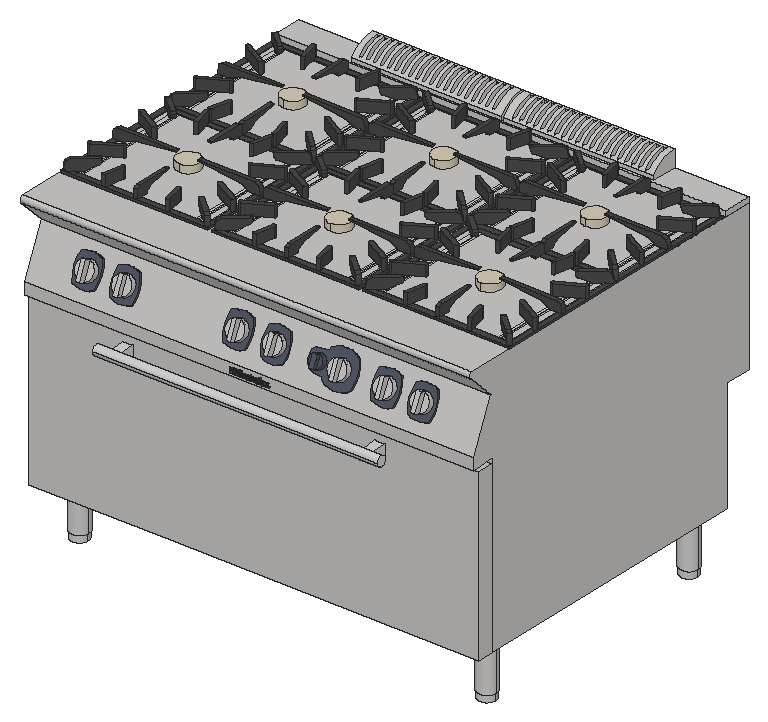
Revit family "QF_ELECTROLUXPROFESSIONAL_391466_E9AAOABJMIE", category Attrezzature speciali, Revit 2018 (continued)
Automatic sketch dimensions
  Extrusion 7 sketch curve to Extrusion 7 sketch curve = 1.139 mm
  Extrusion 7 sketch curve to Extrusion 7 sketch curve = 3.102 mm
  Extrusion 7 sketch curve to Extrusion 7 sketch curve = 4.032 mm
  Extrusion 7 sketch curve to Extrusion 7 sketch curve = 0.404 mm
  Extrusion 7 sketch curve to Extrusion 7 sketch curve = 5.898 mm
  plane 11 to Extrusion 7 sketch curve = 8.549 mm
  Extrusion 7 sketch curve to plane 11 = 30 mm
  Extrusion 7 sketch curve to plane 10 = 298.908 mm
  Extrusion 7 sketch curve to Extrusion 7 sketch curve = 3.343 mm
  Extrusion 7 sketch curve to Extrusion 7 sketch curve = 2.066 mm
  Extrusion 7 sketch curve to Extrusion 7 sketch curve = 5.312 mm
  Extrusion 7 sketch curve to Extrusion 7 sketch curve = 28.009 mm
  plane 11 to Extrusion 8 sketch curve = 22.852 mm
  Extrusion 8 sketch curve to Extrusion 8 sketch curve = 0 mm  (x2)
  Extrusion 8 sketch curve to Extrusion 8 sketch curve = 1.139 mm
  Extrusion 8 sketch curve to Extrusion 8 sketch curve = 3.102 mm
  Extrusion 8 sketch curve to Extrusion 8 sketch curve = 4.032 mm
  Extrusion 8 sketch curve to Extrusion 8 sketch curve = 0.404 mm
  Extrusion 8 sketch curve to Extrusion 8 sketch curve = 5.898 mm
  plane 11 to Extrusion 8 sketch curve = 8.549 mm
  Extrusion 8 sketch curve to plane 11 = 30 mm
  Extrusion 8 sketch curve to plane 10 = 270.899 mm
  Extrusion 8 sketch curve to Extrusion 8 sketch curve = 2.705 mm
  Extrusion 8 sketch curve to Extrusion 8 sketch curve = 5.987 mm
  Extrusion 8 sketch curve to Extrusion 8 sketch curve = 5.312 mm
  Extrusion 8 sketch curve to Extrusion 8 sketch curve = 28.009 mm
  plane 11 to Extrusion 9 sketch curve = 19.749 mm
  Extrusion 9 sketch curve to plane 10 = 279.591 mm
  Extrusion 10 sketch curve to plane 18 = 228.904 mm
  Extrusion 10 sketch curve to Extrusion 10 sketch curve = 0 mm
  Extrusion 10 sketch curve to Extrusion 10 sketch curve = 12.3 mm  (x3)
  Extrusion 10 sketch curve to Extrusion 10 sketch curve = 34.925 mm  (x2)
  Extrusion 10 sketch curve to Extrusion 10 sketch curve = 46.691 mm
  Extrusion 10 sketch curve to Extrusion 10 sketch curve = 0.617 mm
  Extrusion 10 sketch curve to Extrusion 10 sketch curve = 28.57 mm
  Extrusion 10 sketch curve to Extrusion 10 sketch curve = 29.185 mm
  Extrusion 12 sketch curve to Extrusion 12 sketch curve = 24.732 mm
  Extrusion 12 sketch curve to Extrusion 12 sketch curve = 0 mm
  Extrusion 13 sketch curve to Extrusion 13 sketch curve = 0 mm  (x2)
  plane 7 "Center Y" to Extrusion 13 sketch curve = 190.859 mm
  Extrusion 13 sketch curve to Extrusion 13 sketch curve = 112.63 mm
  Extrusion 13 sketch curve to Extrusion 13 sketch curve = 1.398 mm
  Extrusion 13 sketch curve to Extrusion 13 sketch curve = 5.918 mm
  Extrusion 13 sketch curve to Extrusion 13 sketch curve = 7.825 mm
  Extrusion 13 sketch curve to Extrusion 13 sketch curve = 12.433 mm
  Extrusion 13 sketch curve to Extrusion 13 sketch curve = 33.329 mm
  Extrusion 13 sketch curve to Extrusion 13 sketch curve = 28.808 mm
  Extrusion 13 sketch curve to Extrusion 13 sketch curve = 2.986 mm
  Extrusion 13 sketch curve to Extrusion 13 sketch curve = 35.441 mm
  Extrusion 13 sketch curve to Extrusion 13 sketch curve = 23.969 mm
  Extrusion 13 sketch curve to Extrusion 13 sketch curve = 31.993 mm
  Extrusion 13 sketch curve to Extrusion 13 sketch curve = 0.131 mm
  Extrusion 13 sketch curve to Extrusion 13 sketch curve = 36.738 mm
  Extrusion 13 sketch curve to Extrusion 13 sketch curve = 6.105 mm
  Extrusion 13 sketch curve to Extrusion 13 sketch curve = 30.968 mm
  Extrusion 13 sketch curve to Extrusion 13 sketch curve = 0.002 mm
  Extrusion 13 sketch curve to Extrusion 13 sketch curve = 38.412 mm
  Extrusion 13 sketch curve to Extrusion 13 sketch curve = 39.831 mm
  Extrusion 13 sketch curve to Extrusion 13 sketch curve = 6.427 mm
  Extrusion 13 sketch curve to Extrusion 13 sketch curve = 11.842 mm
  Extrusion 15 sketch curve to Extrusion 15 sketch curve = 24.732 mm
  Extrusion 15 sketch curve to Extrusion 15 sketch curve = 0 mm
  Extrusion 17 sketch curve to Extrusion 17 sketch curve = 0 mm
  Extrusion 17 sketch curve to Extrusion 17 sketch curve = 7.232 mm  (x3)
  Extrusion 17 sketch curve to Extrusion 17 sketch curve = 17.5 mm
  Extrusion 17 sketch curve to Extrusion 17 sketch curve = 5.786 mm
  Extrusion 18 sketch curve to plane 17 = 61.596 mm
  Extrusion 18 sketch curve to Extrusion 18 sketch curve = 0 mm
  Extrusion 18 sketch curve to Extrusion 18 sketch curve = 12.3 mm  (x3)
  Extrusion 18 sketch curve to Extrusion 18 sketch curve = 34.925 mm  (x2)
  Extrusion 18 sketch curve to plane 17 = 35.869 mm
  Extrusion 18 sketch curve to Extrusion 18 sketch curve = 46.691 mm
  Extrusion 18 sketch curve to Extrusion 18 sketch curve = 26.344 mm
  Extrusion 18 sketch curve to Extrusion 18 sketch curve = 28.57 mm
  Extrusion 20 sketch curve to Extrusion 20 sketch curve = 24.732 mm
  Extrusion 20 sketch curve to Extrusion 20 sketch curve = 0 mm
  Extrusion 21 sketch curve to plane 17 = 161.596 mm
  Extrusion 21 sketch curve to Extrusion 21 sketch curve = 0 mm
  Extrusion 21 sketch curve to Extrusion 21 sketch curve = 12.3 mm  (x3)
  Extrusion 21 sketch curve to Extrusion 21 sketch curve = 34.925 mm  (x2)
  Extrusion 21 sketch curve to Extrusion 21 sketch curve = 46.691 mm
  Extrusion 21 sketch curve to Extrusion 21 sketch curve = 0.617 mm
  Extrusion 21 sketch curve to Extrusion 21 sketch curve = 28.57 mm
  Extrusion 21 sketch curve to Extrusion 21 sketch curve = 29.185 mm
  Extrusion 23 sketch curve to Extrusion 23 sketch curve = 24.732 mm
  Extrusion 23 sketch curve to Extrusion 23 sketch curve = 0 mm
  Extrusion 24 sketch curve to plane 1 "BACK" = 0 mm
  Extrusion 24 sketch curve to plane 6 "TOP" = 0 mm
  plane 1 "BACK" to Extrusion 24 sketch curve = 1.769 mm
  plane 10 to Extrusion 24 sketch curve = 23.813 mm
  plane 1 "BACK" to Extrusion 24 sketch curve = 69.85 mm
  plane 10 to Extrusion 24 sketch curve = 14.288 mm
  Extrusion 25 sketch curve to plane 18 = 131.404 mm
  Extrusion 25 sketch curve to Extrusion 25 sketch curve = 0 mm
  Extrusion 25 sketch curve to Extrusion 25 sketch curve = 12.3 mm  (x3)
  Extrusion 25 sketch curve to Extrusion 25 sketch curve = 34.925 mm  (x2)
  Extrusion 25 sketch curve to Extrusion 25 sketch curve = 46.691 mm
  Extrusion 25 sketch curve to Extrusion 25 sketch curve = 0.617 mm
  Extrusion 25 sketch curve to Extrusion 25 sketch curve = 28.57 mm
  Extrusion 25 sketch curve to Extrusion 25 sketch curve = 29.185 mm
  Extrusion 27 sketch curve to Extrusion 27 sketch curve = 24.732 mm
  Extrusion 27 sketch curve to Extrusion 27 sketch curve = 0 mm
  Extrusion 28 sketch curve to plane 7 "Center Y" = 79.904 mm
  Extrusion 28 sketch curve to plane 7 "Center Y" = 21.528 mm
  Extrusion 28 sketch curve to Extrusion 28 sketch curve = 0 mm
  Extrusion 28 sketch curve to Extrusion 28 sketch curve = 12.3 mm  (x3)
  plane 7 "Center Y" to Extrusion 28 sketch curve = 3.586 mm
  Extrusion 28 sketch curve to Extrusion 28 sketch curve = 34.925 mm  (x2)
  Extrusion 28 sketch curve to Extrusion 28 sketch curve = 46.691 mm
  Extrusion 28 sketch curve to plane 7 "Center Y" = 22.141 mm
  Extrusion 30 sketch curve to Extrusion 30 sketch curve = 24.732 mm
  Extrusion 30 sketch curve to Extrusion 30 sketch curve = 0 mm
  plane 7 "Center Y" to Extrusion 31 sketch curve = 20.096 mm
  Extrusion 31 sketch curve to Extrusion 31 sketch curve = 0 mm
  Extrusion 31 sketch curve to Extrusion 31 sketch curve = 12.3 mm  (x3)
  Extrusion 31 sketch curve to Extrusion 31 sketch curve = 34.925 mm  (x2)
  Extrusion 31 sketch curve to plane 7 "Center Y" = 5.631 mm
  Extrusion 31 sketch curve to Extrusion 31 sketch curve = 46.691 mm
  plane 7 "Center Y" to Extrusion 31 sketch curve = 20.714 mm
  Extrusion 31 sketch curve to Extrusion 31 sketch curve = 25.114 mm
  Extrusion 33 sketch curve to Extrusion 33 sketch curve = 24.732 mm
  Extrusion 33 sketch curve to Extrusion 33 sketch curve = 0 mm
  plane 7 "Center Y" to Extrusion 34 sketch curve = 21.292 mm
  Extrusion 34 sketch curve to plane 10 = 237.967 mm
  Extrusion 34 sketch curve to plane 7 "Center Y" = 13.807 mm
  Extrusion 34 sketch curve to Extrusion 34 sketch curve = 5.041 mm
  plane 7 "Center Y" to Extrusion 34 sketch curve = 5.969 mm
  Extrusion 34 sketch curve to Extrusion 34 sketch curve = 5.06 mm
  Extrusion 34 sketch curve to Extrusion 34 sketch curve = 0 mm  (x27)
  Extrusion 34 sketch curve to Extrusion 34 sketch curve = 5.108 mm  (x2)
  Extrusion 34 sketch curve to Extrusion 34 sketch curve = 0.054 mm
  Extrusion 34 sketch curve to Extrusion 34 sketch curve = 0.218 mm
  Extrusion 34 sketch curve to Extrusion 34 sketch curve = 0.195 mm
  Extrusion 34 sketch curve to Extrusion 34 sketch curve = 0.249 mm
  Extrusion 34 sketch curve to Extrusion 34 sketch curve = 0.316 mm
  Extrusion 34 sketch curve to Extrusion 34 sketch curve = 0.087 mm
  Extrusion 34 sketch curve to Extrusion 34 sketch curve = 0.358 mm
  Extrusion 34 sketch curve to Extrusion 34 sketch curve = 0.481 mm
  Extrusion 34 sketch curve to Extrusion 34 sketch curve = 0.597 mm
  Extrusion 34 sketch curve to Extrusion 34 sketch curve = 0.544 mm
  Extrusion 34 sketch curve to Extrusion 34 sketch curve = 0.936 mm
  Extrusion 34 sketch curve to Extrusion 34 sketch curve = 0.594 mm
  Extrusion 34 sketch curve to Extrusion 34 sketch curve = 0.343 mm
  Extrusion 34 sketch curve to Extrusion 34 sketch curve = 0.159 mm
  Extrusion 34 sketch curve to Extrusion 34 sketch curve = 0.826 mm
  Extrusion 34 sketch curve to Extrusion 34 sketch curve = 0.839 mm
  Extrusion 34 sketch curve to Extrusion 34 sketch curve = 0.852 mm
  Extrusion 34 sketch curve to Extrusion 34 sketch curve = 0.887 mm
  Extrusion 34 sketch curve to Extrusion 34 sketch curve = 0.928 mm
  Extrusion 34 sketch curve to Extrusion 34 sketch curve = 0.938 mm
  Extrusion 34 sketch curve to Extrusion 34 sketch curve = 0.444 mm
  Extrusion 34 sketch curve to Extrusion 34 sketch curve = 1.11 mm  (x3)
  plane 7 "Center Y" to Extrusion 34 sketch curve = 43.726 mm
  Extrusion 34 sketch curve to Extrusion 34 sketch curve = 0.215 mm
  plane 7 "Center Y" to Extrusion 34 sketch curve = 0.332 mm
  Extrusion 34 sketch curve to Extrusion 34 sketch curve = 1.43 mm
  Extrusion 34 sketch curve to Extrusion 34 sketch curve = 1.188 mm
  Extrusion 34 sketch curve to Extrusion 34 sketch curve = 1.21 mm  (x2)
  Extrusion 34 sketch curve to Extrusion 34 sketch curve = 0.503 mm
  plane 7 "Center Y" to Extrusion 34 sketch curve = 48.995 mm
  Extrusion 34 sketch curve to Extrusion 34 sketch curve = 0.488 mm
  plane 7 "Center Y" to Extrusion 34 sketch curve = 52.922 mm
  Extrusion 34 sketch curve to Extrusion 34 sketch curve = 0.462 mm
  Extrusion 34 sketch curve to Extrusion 34 sketch curve = 1.386 mm
  Extrusion 34 sketch curve to Extrusion 34 sketch curve = 1.742 mm
  Extrusion 34 sketch curve to Extrusion 34 sketch curve = 0.821 mm
  Extrusion 34 sketch curve to Extrusion 34 sketch curve = 0.497 mm
  Extrusion 34 sketch curve to Extrusion 34 sketch curve = 0.539 mm
  Extrusion 34 sketch curve to Extrusion 34 sketch curve = 0.686 mm
  Extrusion 34 sketch curve to plane 7 "Center Y" = 0.042 mm
  Extrusion 34 sketch curve to Extrusion 34 sketch curve = 0.408 mm
  Extrusion 34 sketch curve to Extrusion 34 sketch curve = 0.743 mm
  Extrusion 34 sketch curve to Extrusion 34 sketch curve = 1.16 mm
  Extrusion 34 sketch curve to Extrusion 34 sketch curve = 0.329 mm
  Extrusion 34 sketch curve to Extrusion 34 sketch curve = 1.054 mm
  Extrusion 34 sketch curve to Extrusion 34 sketch curve = 1.056 mm
  Extrusion 34 sketch curve to Extrusion 34 sketch curve = 0.129 mm
  Extrusion 34 sketch curve to Extrusion 34 sketch curve = 0.489 mm
  Extrusion 34 sketch curve to plane 7 "Center Y" = 0.376 mm
  Extrusion 34 sketch curve to Extrusion 34 sketch curve = 0.441 mm
  Extrusion 34 sketch curve to Extrusion 34 sketch curve = 1.151 mm
  Extrusion 34 sketch curve to Extrusion 34 sketch curve = 1.141 mm  (x2)
  Extrusion 34 sketch curve to Extrusion 34 sketch curve = 0.768 mm
  Extrusion 34 sketch curve to Extrusion 34 sketch curve = 1.653 mm
  Extrusion 34 sketch curve to Extrusion 34 sketch curve = 0.499 mm
  Extrusion 34 sketch curve to Extrusion 34 sketch curve = 0.964 mm
  Extrusion 34 sketch curve to Extrusion 34 sketch curve = 0.949 mm
  Extrusion 34 sketch curve to Extrusion 34 sketch curve = 1.345 mm  (x3)
  Extrusion 34 sketch curve to Extrusion 34 sketch curve = 1.101 mm
  Extrusion 34 sketch curve to Extrusion 34 sketch curve = 0.432 mm
  Extrusion 34 sketch curve to Extrusion 34 sketch curve = 1.142 mm
  Extrusion 34 sketch curve to Extrusion 34 sketch curve = 0.959 mm
  Extrusion 34 sketch curve to Extrusion 34 sketch curve = 0.176 mm
  Extrusion 34 sketch curve to Extrusion 34 sketch curve = 0.728 mm
  Extrusion 34 sketch curve to Extrusion 34 sketch curve = 3.375 mm  (x2)
  Extrusion 34 sketch curve to Extrusion 34 sketch curve = 0.541 mm
  Extrusion 34 sketch curve to Extrusion 34 sketch curve = 0.955 mm
  Extrusion 34 sketch curve to Extrusion 34 sketch curve = 1.251 mm
  Extrusion 34 sketch curve to Extrusion 34 sketch curve = 0.572 mm
  plane 7 "Center Y" to Extrusion 34 sketch curve = 47.619 mm
  Extrusion 34 sketch curve to Extrusion 34 sketch curve = 1.92 mm
  Extrusion 34 sketch curve to Extrusion 34 sketch curve = 1.224 mm
  Extrusion 34 sketch curve to Extrusion 34 sketch curve = 0.745 mm
  Extrusion 34 sketch curve to Extrusion 34 sketch curve = 0.036 mm
  Extrusion 34 sketch curve to Extrusion 34 sketch curve = 0.896 mm  (x3)
  Extrusion 34 sketch curve to Extrusion 34 sketch curve = 2.607 mm
  Extrusion 34 sketch curve to Extrusion 34 sketch curve = 0.066 mm
  Extrusion 34 sketch curve to Extrusion 34 sketch curve = 0.248 mm
  Extrusion 34 sketch curve to Extrusion 34 sketch curve = 0.449 mm
  plane 7 "Center Y" to Extrusion 34 sketch curve = 46.838 mm
  Extrusion 34 sketch curve to Extrusion 34 sketch curve = 1.052 mm
  Extrusion 34 sketch curve to Extrusion 34 sketch curve = 1.863 mm
  Extrusion 34 sketch curve to Extrusion 34 sketch curve = 1.31 mm  (x2)
  Extrusion 34 sketch curve to Extrusion 34 sketch curve = 0.901 mm
  Extrusion 34 sketch curve to Extrusion 34 sketch curve = 1.107 mm
  Extrusion 34 sketch curve to Extrusion 34 sketch curve = 2.122 mm
  Extrusion 34 sketch curve to Extrusion 34 sketch curve = 2.101 mm
  Extrusion 34 sketch curve to Extrusion 34 sketch curve = 0.106 mm
  Extrusion 34 sketch curve to Extrusion 34 sketch curve = 0.029 mm
  plane 7 "Center Y" to Extrusion 34 sketch curve = 49.641 mm
  Extrusion 34 sketch curve to Extrusion 34 sketch curve = 2.09 mm
  Extrusion 34 sketch curve to Extrusion 34 sketch curve = 1.279 mm
  Extrusion 34 sketch curve to Extrusion 34 sketch curve = 2.008 mm
  Extrusion 34 sketch curve to Extrusion 34 sketch curve = 0.738 mm
  Extrusion 34 sketch curve to Extrusion 34 sketch curve = 0.382 mm
  Extrusion 34 sketch curve to Extrusion 34 sketch curve = 0.384 mm
  Extrusion 34 sketch curve to Extrusion 34 sketch curve = 0.002 mm
  Extrusion 34 sketch curve to Extrusion 34 sketch curve = 0.561 mm
  Extrusion 34 sketch curve to Extrusion 34 sketch curve = 0.592 mm
  Extrusion 34 sketch curve to Extrusion 34 sketch curve = 2.692 mm
  Extrusion 34 sketch curve to Extrusion 34 sketch curve = 1.259 mm
  plane 7 "Center Y" to Extrusion 34 sketch curve = 48.858 mm
  Extrusion 34 sketch curve to Extrusion 34 sketch curve = 0.802 mm
  Extrusion 34 sketch curve to Extrusion 34 sketch curve = 1.024 mm
  Extrusion 34 sketch curve to Extrusion 34 sketch curve = 0.682 mm
  Extrusion 34 sketch curve to Extrusion 34 sketch curve = 5.934 mm
  Extrusion 34 sketch curve to Extrusion 34 sketch curve = 2.186 mm
  Extrusion 34 sketch curve to Extrusion 34 sketch curve = 0.337 mm
  Extrusion 34 sketch curve to Extrusion 34 sketch curve = 0.021 mm
  Extrusion 34 sketch curve to Extrusion 34 sketch curve = 1.005 mm
  Extrusion 34 sketch curve to Extrusion 34 sketch curve = 0.552 mm
  Extrusion 34 sketch curve to Extrusion 34 sketch curve = 0.778 mm
  Extrusion 34 sketch curve to Extrusion 34 sketch curve = 0.063 mm
  Extrusion 34 sketch curve to Extrusion 34 sketch curve = 1.023 mm
  Extrusion 34 sketch curve to Extrusion 34 sketch curve = 3.804 mm
  Extrusion 34 sketch curve to Extrusion 34 sketch curve = 0.486 mm
  Extrusion 34 sketch curve to Extrusion 34 sketch curve = 0.266 mm
  Extrusion 34 sketch curve to plane 7 "Center Y" = 0.787 mm
  Extrusion 34 sketch curve to Extrusion 34 sketch curve = 1.547 mm
  Extrusion 34 sketch curve to Extrusion 34 sketch curve = 0.717 mm  (x2)
  Extrusion 34 sketch curve to Extrusion 34 sketch curve = 1.667 mm
  plane 7 "Center Y" to Extrusion 34 sketch curve = 44.532 mm
  Extrusion 34 sketch curve to Extrusion 34 sketch curve = 3.174 mm
  plane 7 "Center Y" to Extrusion 34 sketch curve = 0.368 mm
  Extrusion 34 sketch curve to Extrusion 34 sketch curve = 0.388 mm
  Extrusion 34 sketch curve to Extrusion 34 sketch curve = 1.342 mm
  plane 7 "Center Y" to Extrusion 34 sketch curve = 50.135 mm
  Extrusion 34 sketch curve to Extrusion 34 sketch curve = 1.521 mm
  plane 7 "Center Y" to Extrusion 34 sketch curve = 51.694 mm
  Extrusion 34 sketch curve to Extrusion 34 sketch curve = 0.124 mm
  Extrusion 34 sketch curve to Extrusion 34 sketch curve = 0.291 mm
  plane 7 "Center Y" to Extrusion 34 sketch curve = 7.285 mm
  Extrusion 34 sketch curve to Extrusion 34 sketch curve = 1.049 mm  (x2)
  plane 7 "Center Y" to Extrusion 34 sketch curve = 47.668 mm
  Extrusion 34 sketch curve to Extrusion 34 sketch curve = 1.7 mm
  Extrusion 34 sketch curve to Extrusion 34 sketch curve = 0.894 mm
  Extrusion 34 sketch curve to Extrusion 34 sketch curve = 0.989 mm
  Extrusion 34 sketch curve to Extrusion 34 sketch curve = 1.168 mm
  Extrusion 34 sketch curve to Extrusion 34 sketch curve = 1.594 mm
  Extrusion 34 sketch curve to Extrusion 34 sketch curve = 0.731 mm
  Extrusion 34 sketch curve to Extrusion 34 sketch curve = 1.566 mm
  Extrusion 34 sketch curve to Extrusion 34 sketch curve = 0.064 mm
  plane 7 "Center Y" to Extrusion 34 sketch curve = 7.842 mm
  Extrusion 34 sketch curve to Extrusion 34 sketch curve = 0.556 mm
  Extrusion 34 sketch curve to Extrusion 34 sketch curve = 0.48 mm
  Extrusion 34 sketch curve to Extrusion 34 sketch curve = 0.228 mm
  Extrusion 34 sketch curve to Extrusion 34 sketch curve = 1.018 mm
  plane 7 "Center Y" to Extrusion 34 sketch curve = 37.429 mm
  Extrusion 34 sketch curve to Extrusion 34 sketch curve = 0.787 mm
  Extrusion 34 sketch curve to Extrusion 34 sketch curve = 0.618 mm
  plane 7 "Center Y" to Extrusion 34 sketch curve = 42.486 mm
  Extrusion 34 sketch curve to Extrusion 34 sketch curve = 1.672 mm
  plane 7 "Center Y" to Extrusion 34 sketch curve = 53.436 mm
  Extrusion 34 sketch curve to Extrusion 34 sketch curve = 1.361 mm
  Extrusion 34 sketch curve to Extrusion 34 sketch curve = 0.822 mm
  Extrusion 34 sketch curve to Extrusion 34 sketch curve = 0.069 mm
  Extrusion 34 sketch curve to Extrusion 34 sketch curve = 1.88 mm
  plane 7 "Center Y" to Extrusion 34 sketch curve = 35.269 mm
  Extrusion 34 sketch curve to Extrusion 34 sketch curve = 0.42 mm
  Extrusion 34 sketch curve to Extrusion 34 sketch curve = 0.062 mm
  Extrusion 34 sketch curve to Extrusion 34 sketch curve = 1.355 mm
  Extrusion 34 sketch curve to Extrusion 34 sketch curve = 2.34 mm
  Extrusion 34 sketch curve to Extrusion 34 sketch curve = 0.493 mm
  Extrusion 34 sketch curve to Extrusion 34 sketch curve = 0.136 mm
  Extrusion 34 sketch curve to Extrusion 34 sketch curve = 0.128 mm
  Extrusion 34 sketch curve to Extrusion 34 sketch curve = 3.616 mm
  Extrusion 34 sketch curve to Extrusion 34 sketch curve = 4.207 mm
  Extrusion 34 sketch curve to Extrusion 34 sketch curve = 0.183 mm
  Extrusion 34 sketch curve to Extrusion 34 sketch curve = 0.895 mm
  Extrusion 34 sketch curve to Extrusion 34 sketch curve = 1.314 mm
  Extrusion 34 sketch curve to Extrusion 34 sketch curve = 3.231 mm
  Extrusion 34 sketch curve to plane 7 "Center Y" = 23.526 mm
  Extrusion 34 sketch curve to Extrusion 34 sketch curve = 1.299 mm
  Extrusion 34 sketch curve to Extrusion 34 sketch curve = 1.214 mm
  plane 7 "Center Y" to Extrusion 34 sketch curve = 26.369 mm
  Extrusion 34 sketch curve to Extrusion 34 sketch curve = 1.264 mm
  Extrusion 34 sketch curve to Extrusion 34 sketch curve = 0.109 mm
  Extrusion 34 sketch curve to Extrusion 34 sketch curve = 0.357 mm
  Extrusion 34 sketch curve to Extrusion 34 sketch curve = 0.565 mm
  Extrusion 34 sketch curve to Extrusion 34 sketch curve = 2.504 mm
  Extrusion 34 sketch curve to Extrusion 34 sketch curve = 2.459 mm
  Extrusion 34 sketch curve to Extrusion 34 sketch curve = 0.983 mm
  Extrusion 34 sketch curve to Extrusion 34 sketch curve = 0.422 mm  (x2)
  Extrusion 34 sketch curve to Extrusion 34 sketch curve = 1.268 mm
  Extrusion 34 sketch curve to Extrusion 34 sketch curve = 0.671 mm
  Extrusion 34 sketch curve to Extrusion 34 sketch curve = 1.634 mm
  Extrusion 34 sketch curve to Extrusion 34 sketch curve = 0.132 mm
  Extrusion 34 sketch curve to Extrusion 34 sketch curve = 0.586 mm
  Extrusion 34 sketch curve to Extrusion 34 sketch curve = 1.241 mm
  Extrusion 34 sketch curve to Extrusion 34 sketch curve = 1.689 mm
  Extrusion 34 sketch curve to Extrusion 34 sketch curve = 0.627 mm
  Extrusion 34 sketch curve to Extrusion 34 sketch curve = 0.419 mm
  Extrusion 34 sketch curve to Extrusion 34 sketch curve = 1.514 mm
  Extrusion 34 sketch curve to Extrusion 34 sketch curve = 1.019 mm
  Extrusion 34 sketch curve to Extrusion 34 sketch curve = 0.065 mm
  Extrusion 34 sketch curve to Extrusion 34 sketch curve = 1.215 mm
  Extrusion 34 sketch curve to Extrusion 34 sketch curve = 1.122 mm
  Extrusion 34 sketch curve to Extrusion 34 sketch curve = 1.153 mm
  Extrusion 34 sketch curve to Extrusion 34 sketch curve = 1.223 mm
  Extrusion 34 sketch curve to Extrusion 34 sketch curve = 0.934 mm
  Extrusion 34 sketch curve to Extrusion 34 sketch curve = 3.376 mm
  Extrusion 34 sketch curve to Extrusion 34 sketch curve = 0.222 mm
  Extrusion 34 sketch curve to Extrusion 34 sketch curve = 1.383 mm
  Extrusion 34 sketch curve to Extrusion 34 sketch curve = 1.556 mm
  Extrusion 34 sketch curve to Extrusion 34 sketch curve = 2.559 mm
  Extrusion 34 sketch curve to Extrusion 34 sketch curve = 2.51 mm
  Extrusion 34 sketch curve to Extrusion 34 sketch curve = 0.131 mm
  Extrusion 34 sketch curve to Extrusion 34 sketch curve = 1.134 mm
  Extrusion 34 sketch curve to Extrusion 34 sketch curve = 0.094 mm
  Extrusion 34 sketch curve to Extrusion 34 sketch curve = 1.584 mm
  Extrusion 34 sketch curve to Extrusion 34 sketch curve = 0.27 mm
  Extrusion 34 sketch curve to Extrusion 34 sketch curve = 0.916 mm
  Extrusion 34 sketch curve to Extrusion 34 sketch curve = 0.352 mm
  Extrusion 34 sketch curve to Extrusion 34 sketch curve = 0.458 mm
  Extrusion 34 sketch curve to Extrusion 34 sketch curve = 1.282 mm
  Extrusion 34 sketch curve to Extrusion 34 sketch curve = 1.363 mm
  Extrusion 34 sketch curve to Extrusion 34 sketch curve = 0.685 mm
  Extrusion 34 sketch curve to Extrusion 34 sketch curve = 0.905 mm
  Extrusion 34 sketch curve to Extrusion 34 sketch curve = 1.477 mm
  Extrusion 34 sketch curve to Extrusion 34 sketch curve = 0.472 mm
  Extrusion 34 sketch curve to Extrusion 34 sketch curve = 0.101 mm
  Extrusion 34 sketch curve to Extrusion 34 sketch curve = 0.54 mm
  Extrusion 34 sketch curve to Extrusion 34 sketch curve = 0.02 mm
  Extrusion 34 sketch curve to Extrusion 34 sketch curve = 0.829 mm
  Extrusion 34 sketch curve to Extrusion 34 sketch curve = 0.582 mm
  Extrusion 34 sketch curve to Extrusion 34 sketch curve = 0.166 mm
  Extrusion 34 sketch curve to Extrusion 34 sketch curve = 0.16 mm
  Extrusion 34 sketch curve to Extrusion 34 sketch curve = 1.118 mm
  Extrusion 34 sketch curve to Extrusion 34 sketch curve = 0.613 mm
  Extrusion 34 sketch curve to Extrusion 34 sketch curve = 0.781 mm
  Extrusion 34 sketch curve to Extrusion 34 sketch curve = 0.361 mm
  Extrusion 34 sketch curve to Extrusion 34 sketch curve = 0.897 mm
  Extrusion 34 sketch curve to Extrusion 34 sketch curve = 0.167 mm
  Extrusion 34 sketch curve to Extrusion 34 sketch curve = 0.292 mm
  Extrusion 34 sketch curve to Extrusion 34 sketch curve = 0.305 mm
  Extrusion 34 sketch curve to Extrusion 34 sketch curve = 1.557 mm
  Extrusion 34 sketch curve to Extrusion 34 sketch curve = 2.499 mm
  Extrusion 34 sketch curve to Extrusion 34 sketch curve = 3.062 mm
  Extrusion 34 sketch curve to Extrusion 34 sketch curve = 2.968 mm
  Extrusion 34 sketch curve to Extrusion 34 sketch curve = 5.044 mm
  Extrusion 34 sketch curve to Extrusion 34 sketch curve = 0.629 mm  (x2)
  Extrusion 34 sketch curve to Extrusion 34 sketch curve = 1.131 mm
  Extrusion 34 sketch curve to Extrusion 34 sketch curve = 0.137 mm
  Extrusion 34 sketch curve to Extrusion 34 sketch curve = 0.027 mm
  Extrusion 34 sketch curve to Extrusion 34 sketch curve = 2.046 mm
  Extrusion 34 sketch curve to Extrusion 34 sketch curve = 2.235 mm
  Revolve 35 sketch curve to plane 9 "Base" = 0 mm  (x2)
  Revolve 35 sketch curve to level = 0 mm
  Revolve 35 sketch curve to plane 18 = 0 mm  (x2)
  Revolve 35 sketch curve to Revolve 35 sketch curve = 22.9 mm
  Revolve 35 sketch curve to Revolve 35 sketch curve = 2.5 mm
  plane 9 "Base" to Revolve 35 sketch curve = 20 mm
  level to Revolve 35 sketch curve = 19.05 mm
  Revolve 36 sketch curve to plane 9 "Base" = 0 mm  (x2)
  Revolve 36 sketch curve to level = 0 mm
  Revolve 36 sketch curve to plane 18 = 0 mm  (x2)
  Revolve 36 sketch curve to Revolve 36 sketch curve = 22.9 mm
  Revolve 36 sketch curve to Revolve 36 sketch curve = 2.5 mm
  plane 9 "Base" to Revolve 36 sketch curve = 20 mm
  level to Revolve 36 sketch curve = 19.05 mm
  Extrusion 37 sketch curve to Extrusion 1 = 43 mm
  Extrusion 37 sketch curve to Extrusion 1 = 276.222 mm
  plane 1 "BACK" to Extrusion 38 sketch curve = 63.911 mm  (x2)
  Extrusion 38 sketch curve to plane 18 = 156.447 mm
  Extrusion 38 sketch curve to Extrusion 38 sketch curve = 9.296 mm  (x20)
  Extrusion 38 sketch curve to Extrusion 38 sketch curve = 9.397 mm  (x19)
  Extrusion 38 sketch curve to Extrusion 38 sketch curve = 0 mm  (x18)
  plane 1 "BACK" to Extrusion 38 sketch curve = 6.761 mm  (x20)
  Revolve 39 sketch curve to plane 9 "Base" = 0 mm  (x2)
  Revolve 39 sketch curve to level = 0 mm
  plane 17 to Revolve 39 sketch curve = 0 mm  (x2)
  plane 17 to Revolve 39 sketch curve = 22.9 mm
  Revolve 39 sketch curve to Revolve 39 sketch curve = 2.5 mm
  level to Revolve 39 sketch curve = 19.05 mm
  plane 9 "Base" to Revolve 39 sketch curve = 20 mm
  Revolve 40 sketch curve to plane 9 "Base" = 0 mm  (x2)
  Revolve 40 sketch curve to level = 0 mm
  plane 17 to Revolve 40 sketch curve = 0 mm  (x2)
  plane 17 to Revolve 40 sketch curve = 22.9 mm
  Revolve 40 sketch curve to Revolve 40 sketch curve = 2.5 mm
  level to Revolve 40 sketch curve = 19.05 mm
  plane 9 "Base" to Revolve 40 sketch curve = 20 mm
  Extrusion 41 sketch curve to plane 1 "BACK" = 0 mm
  Extrusion 41 sketch curve to plane 6 "TOP" = 0 mm
  plane 1 "BACK" to Extrusion 41 sketch curve = 1.769 mm
  plane 10 to Extrusion 41 sketch curve = 23.813 mm
  plane 1 "BACK" to Extrusion 41 sketch curve = 69.85 mm
  plane 10 to Extrusion 41 sketch curve = 14.288 mm
  plane 1 "BACK" to Extrusion 42 sketch curve = 63.911 mm  (x2)
  Extrusion 42 sketch curve to plane 17 = 156.447 mm
  Extrusion 42 sketch curve to Extrusion 42 sketch curve = 9.296 mm  (x20)
  Extrusion 42 sketch curve to Extrusion 42 sketch curve = 9.397 mm  (x19)
  Extrusion 42 sketch curve to Extrusion 42 sketch curve = 0 mm  (x18)
  plane 1 "BACK" to Extrusion 42 sketch curve = 6.761 mm  (x20)
  radius of Extrusion 4 sketch curve = 6.4 mm
  radius of Extrusion 9 sketch curve = 12.7 mm
  radius of Extrusion 11 sketch curve = 25.4 mm
  radius of Extrusion 12 sketch curve to Extrusion 11 = 0 mm  (x2)
  radius of Extrusion 14 sketch curve = 25.4 mm
  radius of Extrusion 15 sketch curve to Extrusion 14 = 0 mm  (x2)
  radius of Extrusion 16 sketch curve = 18.37 mm
  radius of Extrusion 19 sketch curve = 25.4 mm
  radius of Extrusion 20 sketch curve to Extrusion 19 = 0 mm  (x2)
  radius of Extrusion 22 sketch curve = 25.4 mm
  radius of Extrusion 23 sketch curve to Extrusion 22 = 0 mm  (x2)
  radius of Extrusion 26 sketch curve = 25.4 mm
  radius of Extrusion 27 sketch curve to Extrusion 26 = 0 mm  (x2)
  radius of Extrusion 29 sketch curve = 25.4 mm
  radius of Extrusion 30 sketch curve to Extrusion 29 = 0 mm  (x2)
  radius of Extrusion 32 sketch curve = 25.4 mm
  radius of Extrusion 33 sketch curve to Extrusion 32 = 0 mm  (x2)
  radius of Extrusion 37 sketch curve = 12.7 mm
Nested families
  nested 1: "371009_BURNER" at (0, -440.6, 0), type "371009_BURNER"
    with Type Mark "", Status "", Specification by User "", Revision Code "", Item Number "", Installed By "", Identify Quantity as Lot yes, Furnished By "", Foodservice Equipment Identifier yes
  nested 2: "371009_BURNER" at (403.15, -440.6, 0), type "371009_BURNER"
    with Type Mark "", Status "", Specification by User "", Revision Code "", Item Number "", Installed By "", Identify Quantity as Lot yes, Furnished By "", Foodservice Equipment Identifier yes
  nested 3: "371009_BURNER" at (1200, -440.6, 0) x (-1, 0, 0) z (0, 0, 1), type "371009_BURNER"
    with Type Mark "", Status "", Specification by User "", Revision Code "", Item Number "", Installed By "", Identify Quantity as Lot yes, Furnished By "", Foodservice Equipment Identifier yes
  nested 4: "371009_BURNER" at (0, -440.6, 0), type "371009_BURNER"
    with Type Mark "", Status "", Specification by User "", Revision Code "", Item Number "", Installed By "", Identify Quantity as Lot yes, Furnished By "", Foodservice Equipment Identifier yes
  nested 5: "371009_BURNER" at (403.15, -440.6, 0), type "371009_BURNER"
    with Type Mark "", Status "", Specification by User "", Revision Code "", Item Number "", Installed By "", Identify Quantity as Lot yes, Furnished By "", Foodservice Equipment Identifier yes
  nested 6: "371009_BURNER" at (1200, -440.6, 0) x (-1, 0, 0) z (0, 0, 1), type "371009_BURNER"
    with Type Mark "", Status "", Specification by User "", Revision Code "", Item Number "", Installed By "", Identify Quantity as Lot yes, Furnished By "", Foodservice Equipment Identifier yes
Connectors
  piping at (1148, -666, 129), diameter 12.8
    settings: on Extrusion 4, index 1, connector inside diameter 0.50394", connector length 0 mm, flow factor 0, pipe flow 0 GPM, pressure drop 0.00 psi, fitting loss kfactor 0, connector angle 0.00°, fixture units 0, engagement length 0 mm, angle of deflection 0.00°, flow configuration 1, flow direction 1, fitting loss method 0, system type 7, joint type 0, gender type 0, connector reference index -1, connector utility 0, adjustable connector no, is connector primary yes, connector description "GAS CONNECTION"
Definition of nested family "371009_BURNER"
  Parameters
    Weight in Pounds = 0
    URL Cutsheet = ""
    URL = "www.electrolux.com"
    Type Mark [instance] = ""
    Status [instance] = ""
    Specification by User [instance] = ""
    Specification by Manufacturer = ""
    Show Clearance [instance] = yes
    Serial Number = ""
    Seismic Rating = ""
    SMACNA No = ""
    Revision Code [instance] = ""
    Omniclass Number and Title = ""
    NAFEM Spec ID Number = ""
    Model = "371009"
    Masterspec = ""
    Manufacturer = "ELECTROLUX"
    Item Number [instance] = ""
    Installed By [instance] = ""
    Identify Quantity as Lot [instance] = yes
    Furnished By [instance] = ""
    Foodservice Equipment Identifier [instance] = yes
    Description = ""
    CSI MasterFormat = ""
    CSI Master Format = ""
  Reference planes
    plane 1 "BACK": y = 0
    plane 2: z = 0
    plane 3 "LEFT": x = 0
    plane 4 "RIGHT": x = 393.7
    plane 5 "FRONT": y = -355.6
    plane 6 "TOP": z = 908.85
    plane 7 "Center Y": x = 196.85
    plane 8 "Center X": y = -177.8
    plane 9 "Base": z = 150
    plane 10: z = 850.85
  Forms (mm)
    Extrusion 1, solid
      sketch origin (-6.433, -404.961, 5) x (1, 0, 0) y (0, 0, -1)
        loop
          arc (7.142, -850.85) -> (6.739, -862.989) -> (9.761, -874.752) r 42.809
          line (9.761, -874.752) -> (19.961, -879.425) -> (173.122, -879.425)
          arc (173.122, -879.425) -> (174.316, -878.312) -> (173.289, -877.043) r 1.197
          line (173.289, -877.043) -> (64.848, -864.021)
          arc (64.848, -864.021) -> (50.111, -858.738) -> (36.589, -850.85) r 85.245
          line (36.589, -850.85) -> (7.142, -850.85)
        loop
          line (399.424, -850.85) -> (369.977, -850.85)
          arc (369.977, -850.85) -> (356.455, -858.738) -> (341.718, -864.021) r 85.245
          line (341.718, -864.021) -> (233.277, -877.043)
          arc (233.277, -877.043) -> (232.25, -878.312) -> (233.444, -879.425) r 1.197
          line (233.444, -879.425) -> (386.605, -879.425) -> (396.806, -874.752)
          arc (396.806, -874.752) -> (399.827, -862.989) -> (399.424, -850.85) r 42.809
      from 224.564 to 234.564
    Extrusion 2, solid
      sketch origin (196.85, 175.397, 1219.2) x (0, 1, 0) y (0, 0, 1)
        loop
          line (-204.463, -363.35) -> (-175.397, -363.35) -> (-175.397, -339.506)
          arc (-175.397, -339.506) -> (-181.025, -338.266) -> (-185.611, -334.775) r 13.39
          line (-185.611, -334.775) -> (-278.903, -334.775)
          arc (-278.903, -334.775) -> (-280.097, -335.888) -> (-279.07, -337.157) r 1.197
          line (-279.07, -337.157) -> (-227.151, -347.464)
          arc (-227.151, -347.464) -> (-213.741, -352.457) -> (-204.463, -363.35) r 28.426
        loop
          arc (-496.332, -363.35) -> (-487.053, -352.457) -> (-473.644, -347.464) r 28.426
          line (-473.644, -347.464) -> (-421.725, -337.157)
          arc (-421.725, -337.157) -> (-420.697, -335.888) -> (-421.891, -334.775) r 1.197
          line (-421.891, -334.775) -> (-515.184, -334.775)
          arc (-515.184, -334.775) -> (-519.769, -338.266) -> (-525.397, -339.506) r 13.39
          line (-525.397, -339.506) -> (-525.397, -363.35) -> (-496.332, -363.35)
      from -5 to 5
    Extrusion 3, solid
      sketch origin (-6.433, 367.064, 850.85) x (0, -1, 0) y (1, 0, 0)
        loop
          line (722.664, 6.433) -> (722.664, 400.133) -> (367.064, 400.133) -> (367.064, 6.433) -> (722.664, 6.433)
        loop
          line (382.064, 21.433) -> (707.664, 21.433) -> (707.664, 385.133) -> (382.064, 385.133) -> (382.064, 21.433)
      from 0 to 5
    Extrusion 4, solid
      sketch origin (-18.933, 367.064, 855.85) x (0, -1, 0) y (1, 0, 0)
        loop
          circle (541.667, 215.783) r 30
      from -1.321 to 17.134
    Extrusion 5, solid
      sketch origin (-6.433, -367.064, 0) x (1, 0, 0) y (0, 0, -1)
        loop
          line (21.433, -855.85) -> (36.589, -855.85)
          arc (36.589, -855.85) -> (40.561, -855.243) -> (44.305, -853.783) r 18.259
          arc (44.305, -853.783) -> (45.997, -853.366) -> (47.69, -853.783) r 3.649
          arc (47.69, -853.783) -> (49.901, -854.522) -> (52.232, -854.529) r 7.328
          line (52.232, -854.529) -> (354.334, -854.529)
          arc (354.334, -854.529) -> (356.666, -854.522) -> (358.877, -853.783) r 7.328
          arc (358.877, -853.783) -> (360.569, -853.366) -> (362.261, -853.783) r 3.649
          arc (362.261, -853.783) -> (366.005, -855.243) -> (369.977, -855.85) r 18.259
          line (369.977, -855.85) -> (385.133, -855.85) -> (385.133, -850.85) -> (21.433, -850.85) -> (21.433, -855.85)
      from 26.464 to 352.064
    Extrusion 6, solid
      sketch origin (83.284, -458.334, 5) x (0.742103, 0.670286, 0) y (0, 0, -1)
        loop
          arc (88.629, -864.012) -> (73.909, -858.731) -> (60.402, -850.85) r 85.245
          line (60.402, -850.85) -> (14.993, -850.85)
          arc (14.993, -850.85) -> (14.642, -862.948) -> (17.686, -874.663) r 42.876
          line (17.686, -874.663) -> (27.899, -879.425) -> (89.664, -879.425)
          arc (89.664, -879.425) -> (92.39, -878.352) -> (93.654, -875.709) r 4
          arc (93.654, -875.709) -> (92.562, -869.25) -> (88.629, -864.012) r 13.87
        loop
          arc (457.638, -864.012) -> (453.704, -869.25) -> (452.613, -875.709) r 13.87
          arc (452.613, -875.709) -> (453.876, -878.352) -> (456.603, -879.425) r 4
          line (456.603, -879.425) -> (518.367, -879.425) -> (528.581, -874.663)
          arc (528.581, -874.663) -> (531.624, -862.948) -> (531.273, -850.85) r 42.876
          line (531.273, -850.85) -> (485.865, -850.85)
          arc (485.865, -850.85) -> (472.357, -858.731) -> (457.638, -864.012) r 85.245
      from 127.064 to 137.064
    Extrusion 7, solid
      sketch origin (310.416, -458.334, 5) x (-0.742103, 0.670286, 0) y (0, 0, 1)
        loop
          arc (88.629, 864.012) -> (92.562, 869.25) -> (93.654, 875.709) r 13.87
          arc (93.654, 875.709) -> (92.39, 878.352) -> (89.664, 879.425) r 4
          line (89.664, 879.425) -> (27.899, 879.425) -> (17.686, 874.663)
          arc (17.686, 874.663) -> (14.642, 862.948) -> (14.993, 850.85) r 42.876
          line (14.993, 850.85) -> (60.402, 850.85)
          arc (60.402, 850.85) -> (73.909, 858.731) -> (88.629, 864.012) r 85.245
        loop
          arc (457.638, 864.012) -> (472.357, 858.731) -> (485.865, 850.85) r 85.245
          line (485.865, 850.85) -> (531.273, 850.85)
          arc (531.273, 850.85) -> (531.624, 862.948) -> (528.581, 874.663) r 42.876
          line (528.581, 874.663) -> (518.367, 879.425) -> (456.603, 879.425)
          arc (456.603, 879.425) -> (453.876, 878.352) -> (452.613, 875.709) r 4
          arc (452.613, 875.709) -> (453.704, 869.25) -> (457.638, 864.012) r 13.87
      from 127.064 to 137.064
    Extrusion 8, solid
      sketch origin (-6.433, 367.064, 855.85) x (0, -1, 0) y (1, 0, 0)
        loop
          arc (626.166, 9.428) -> (632.956, 7.454) -> (634.93, 14.244) r 5
          line (634.93, 14.244) -> (600.514, 76.878)
          arc (600.514, 76.878) -> (593.724, 78.852) -> (591.75, 72.062) r 5
          line (591.75, 72.062) -> (626.166, 9.428)
        loop
          line (463.562, 9.428) -> (497.977, 72.062)
          arc (497.977, 72.062) -> (496.003, 78.852) -> (489.213, 76.878) r 5
          line (489.213, 76.878) -> (454.798, 14.244)
          arc (454.798, 14.244) -> (456.772, 7.454) -> (463.562, 9.428) r 5
        loop
          line (626.166, 397.138) -> (591.75, 334.504)
          arc (591.75, 334.504) -> (593.724, 327.714) -> (600.514, 329.689) r 5
          line (600.514, 329.689) -> (634.93, 392.323)
          arc (634.93, 392.323) -> (632.956, 399.113) -> (626.166, 397.138) r 5
        loop
          arc (463.562, 397.138) -> (456.772, 399.113) -> (454.798, 392.323) r 5
          line (454.798, 392.323) -> (489.213, 329.689)
          arc (489.213, 329.689) -> (496.003, 327.714) -> (497.977, 334.504) r 5
          line (497.977, 334.504) -> (463.562, 397.138)
        loop
          line (715.14, 293.499) -> (666.703, 282.317)
          arc (666.703, 282.317) -> (662.956, 276.32) -> (668.953, 272.573) r 5
          line (668.953, 272.573) -> (717.389, 283.756)
          arc (717.389, 283.756) -> (721.136, 289.752) -> (715.14, 293.499) r 5
        loop
          arc (715.14, 113.067) -> (721.136, 116.814) -> (717.389, 122.811) r 5
          line (717.389, 122.811) -> (668.953, 133.993)
          arc (668.953, 133.993) -> (662.956, 130.246) -> (666.703, 124.249) r 5
          line (666.703, 124.249) -> (715.14, 113.067)
        loop
          arc (374.588, 293.499) -> (368.591, 289.752) -> (372.338, 283.756) r 5
          line (372.338, 283.756) -> (420.775, 272.573)
          arc (420.775, 272.573) -> (426.771, 276.32) -> (423.024, 282.317) r 5
          line (423.024, 282.317) -> (374.588, 293.499)
        loop
          line (374.588, 113.067) -> (423.024, 124.249)
          arc (423.024, 124.249) -> (426.771, 130.246) -> (420.775, 133.993) r 5
          line (420.775, 133.993) -> (372.338, 122.811)
          arc (372.338, 122.811) -> (368.591, 116.814) -> (374.588, 113.067) r 5
      from 0 to 28.575
  Lines and regions (mm)
    symbolic lines
      curve 1: line (0, -355.6, 150) -> (393.7, -355.6, 150)
      curve 2: line (0, 0, 150) -> (0, -355.6, 150)
      curve 3: line (393.7, -355.6, 150) -> (393.7, 0, 150)
      curve 4: line (369.633, -15, 150) -> (285.34, -15, 150)
      curve 5: line (24.067, -340.6, 150) -> (108.36, -340.6, 150)
      curve 6: line (157.475, -170.397, 150) -> (157.475, -15, 150)
      curve 7: line (236.225, -170.397, 150) -> (236.225, -15, 150)
      curve 8: line (201.85, -350, 150) -> (201.85, -176.674, 150)
      curve 9: line (0, -180.397, 150) -> (167.224, -180.397, 150)
      curve 10: line (393.7, -170.397, 150) -> (228.275, -170.397, 150)
      curve 11: line (15, -180.397, 150) -> (15, -252.506, 150)
      curve 12: line (45.799, -340.6, 150) -> (45.799, -320.971, 150)
      curve 13: line (167.224, -170.397, 150) -> (0, -170.397, 150)
      curve 14: line (228.275, -180.504, 150) -> (393.7, -180.504, 150)
      curve 15: arc (228.275, -170.397, 150) -> (223.221, -175.45, 150) -> (228.275, -180.504, 150) r 5.054
      curve 16: arc (167.224, -170.397, 150) -> (172.224, -175.397, 150) -> (167.224, -180.397, 150) r 5
      curve 17: line (191.85, -176.674, 150) -> (191.85, -350, 150)
      curve 18: line (201.85, -134.556, 150) -> (201.85, -0.794, 150)
      curve 19: arc (201.85, -176.674, 150) -> (196.85, -171.674, 150) -> (191.85, -176.674, 150) r 5
      curve 20: arc (201.85, -134.556, 150) -> (196.85, -139.556, 150) -> (191.85, -134.556, 150) r 5
      curve 21: line (191.85, -15, 150) -> (118.623, -15, 150)
      curve 22: arc (201.85, -29.042, 150) -> (213.272, -50.008, 150) -> (201.85, -70.973, 150) r 24.953
      curve 23: arc (213.086, -53.048, 150) -> (214.5, -50.008, 150) -> (213.086, -46.967, 150) r 3.975
      curve 24: arc (191.85, -29.852, 150) -> (181.339, -50.008, 150) -> (191.85, -70.163, 150) r 24.58
      curve 25: arc (181.527, -53.042, 150) -> (179.976, -50.008, 150) -> (181.527, -46.973, 150) r 3.745
      curve 26: line (191.85, -0.794, 150) -> (191.85, -134.556, 150)
      curve 27: line (191.85, -350, 150) -> (201.85, -350, 150)
      curve 28: line (191.85, -11.007, 150) -> (201.85, -11.007, 150)
      curve 29: line (191.85, -0.794, 150) -> (201.85, -0.794, 150)
      curve 30: line (201.85, -340.6, 150) -> (275.077, -340.6, 150)
      curve 31: arc (196.85, -145.397, 0) -> (166.955, -172.888, 0) -> (191.85, -204.977, 0) r 30
      curve 32: arc (201.85, -204.977, 0) -> (226.745, -172.888, 0) -> (196.85, -145.397, 0) r 30
      curve 33: arc (158.678, -180.397, 0) -> (170.734, -200.207, 0) -> (191.85, -209.795, 0) r 39.375
      curve 34: line (163.825, -170.397, 150) -> (163.825, -15, 150)
      curve 35: line (229.875, -170.397, 150) -> (229.875, -15, 150)
      curve 36: line (144.775, -170.397, 150) -> (144.775, -15, 150)
      curve 37: line (248.925, -170.397, 150) -> (248.925, -15, 150)
      curve 38: arc (145.678, -180.397, 0) -> (161.728, -209.187, 0) -> (191.85, -222.573, 0) r 52.075
      curve 39: arc (201.85, -209.795, 0) -> (222.966, -200.207, 0) -> (235.022, -180.397, 0) r 39.375
      curve 40: arc (201.85, -222.573, 0) -> (231.931, -209.224, 0) -> (248.001, -180.504, 0) r 52.075
      curve 41: line (393.7, 0, 0) -> (0, 0, 0)
      curve 42: line (70.445, -122.149, 0) -> (7.81, -87.734, 0)
      curve 43: arc (7.81, -87.734, 0) -> (1.021, -89.708, 0) -> (2.995, -96.498, 0) r 5
      curve 44: line (2.995, -96.498, 0) -> (65.629, -130.914, 0)
      curve 45: arc (65.629, -130.914, 0) -> (72.419, -128.939, 0) -> (70.445, -122.149, 0) r 5
      curve 46: line (65.629, -224.686, 0) -> (2.995, -259.102, 0)
      curve 47: arc (2.995, -259.102, 0) -> (1.021, -265.892, 0) -> (7.81, -267.866, 0) r 5
      curve 48: line (7.81, -267.866, 0) -> (70.445, -233.451, 0)
      curve 49: arc (70.445, -233.451, 0) -> (72.419, -226.661, 0) -> (65.629, -224.686, 0) r 5
      curve 50: line (323.255, -122.149, 0) -> (385.89, -87.734, 0)
      curve 51: arc (385.89, -87.734, 0) -> (392.679, -89.708, 0) -> (390.705, -96.498, 0) r 5
      curve 52: line (390.705, -96.498, 0) -> (328.071, -130.914, 0)
      curve 53: arc (328.071, -130.914, 0) -> (321.281, -128.939, 0) -> (323.255, -122.149, 0) r 5
      curve 54: line (328.071, -224.686, 0) -> (390.705, -259.102, 0)
      curve 55: arc (390.705, -259.102, 0) -> (392.679, -265.892, 0) -> (385.89, -267.866, 0) r 5
      curve 56: line (385.89, -267.866, 0) -> (323.255, -233.451, 0)
      curve 57: arc (323.255, -233.451, 0) -> (321.281, -226.661, 0) -> (328.071, -224.686, 0) r 5
      curve 58: line (118.623, -340.6, 150) -> (191.85, -340.6, 150)
      curve 59: line (285.34, -340.6, 150) -> (369.633, -340.6, 150)
      curve 60: line (378.7, -335.314, 0) -> (378.7, -263.916, 0)
      curve 61: line (1.326, -7.935, 0) -> (58.752, -59.804, 0)
      curve 62: line (65.455, -52.383, 0) -> (8.029, -0.514, 0)
      curve 63: arc (58.752, -59.804, 0) -> (65.814, -59.445, 0) -> (65.455, -52.383, 0) r 5
      curve 64: line (1.326, -7.935, 0) -> (8.029, -0.514, 0)
      curve 65: line (392.374, -7.935, 0) -> (334.948, -59.804, 0)
      curve 66: line (328.245, -52.383, 0) -> (385.671, -0.514, 0)
      curve 67: arc (334.948, -59.804, 0) -> (327.886, -59.445, 0) -> (328.245, -52.383, 0) r 5
      curve 68: line (392.374, -7.935, 0) -> (385.671, -0.514, 0)
      curve 69: line (392.374, -347.665, 0) -> (334.948, -295.796, 0)
      curve 70: line (328.245, -303.217, 0) -> (385.671, -355.086, 0)
      curve 71: arc (334.948, -295.796, 0) -> (327.886, -296.155, 0) -> (328.245, -303.217, 0) r 5
      curve 72: line (392.374, -347.665, 0) -> (385.671, -355.086, 0)
      curve 73: line (1.326, -347.665, 0) -> (58.752, -295.796, 0)
      curve 74: line (65.455, -303.217, 0) -> (8.029, -355.086, 0)
      curve 75: arc (58.752, -295.796, 0) -> (65.814, -296.155, 0) -> (65.455, -303.217, 0) r 5
      curve 76: line (1.326, -347.665, 0) -> (8.029, -355.086, 0)
      curve 77: line (347.901, -15, 0) -> (347.901, -34.629, 0)
      curve 78: line (347.901, -320.971, 0) -> (347.901, -340.6, 0)
      curve 79: line (378.7, -252.506, 0) -> (378.7, -180.397, 0)
      curve 80: line (347.901, -246.993, 0) -> (347.901, -307.496, 0)
      curve 81: line (378.7, -170.397, 0) -> (378.7, -103.094, 0)
      curve 82: line (347.901, -180.397, 0) -> (347.901, -235.582, 0)
      curve 83: line (378.7, -91.684, 0) -> (378.7, -20.286, 0)
      curve 84: line (347.901, -120.018, 0) -> (347.901, -170.397, 0)
      curve 85: line (347.901, -48.104, 0) -> (347.901, -108.607, 0)
      curve 86: line (275.077, -15, 150) -> (201.85, -15, 150)
      curve 87: line (108.36, -15, 150) -> (24.067, -15, 150)
      curve 88: line (45.799, -40, 150) -> (45.799, -15, 150)
      curve 89: line (45.799, -108.607, 150) -> (45.799, -40, 150)
      curve 90: line (15, -20.286, 0) -> (15, -91.684, 0)
      curve 91: line (15, -103.094, 0) -> (15, -170.397, 0)
      curve 92: line (45.799, -170.397, 150) -> (45.799, -120.018, 150)
      curve 93: line (45.799, -235.582, 150) -> (45.799, -180.397, 150)
      curve 94: line (15, -263.916, 150) -> (15, -335.314, 150)
      curve 95: line (45.799, -307.496, 150) -> (45.799, -246.993, 150)
      curve 96: line (116.378, -350.325, 0) -> (127.56, -301.889, 0)
      curve 97: arc (127.56, -301.889, 0) -> (123.813, -295.892, 0) -> (117.816, -299.64, 0) r 5
      curve 98: line (117.816, -299.64, 0) -> (106.634, -348.076, 0)
      curve 99: arc (106.634, -348.076, 0) -> (110.381, -354.072, 0) -> (116.378, -350.325, 0) r 5
      curve 100: line (266.14, -301.889, 0) -> (277.322, -350.325, 0)
      curve 101: arc (277.322, -350.325, 0) -> (283.319, -354.072, 0) -> (287.066, -348.076, 0) r 5
      curve 102: line (287.066, -348.076, 0) -> (275.884, -299.64, 0)
      curve 103: arc (275.884, -299.64, 0) -> (269.887, -295.892, 0) -> (266.14, -301.889, 0) r 5
      curve 104: line (275.884, -55.96, 0) -> (287.066, -7.524, 0)
      curve 105: arc (287.066, -7.524, 0) -> (283.319, -1.528, 0) -> (277.322, -5.275, 0) r 5
      curve 106: line (277.322, -5.275, 0) -> (266.14, -53.711, 0)
      curve 107: arc (266.14, -53.711, 0) -> (269.887, -59.708, 0) -> (275.884, -55.96, 0) r 5
      curve 108: line (127.56, -53.711, 0) -> (116.378, -5.275, 0)
      curve 109: arc (116.378, -5.275, 0) -> (110.381, -1.528, 0) -> (106.634, -7.524, 0) r 5
      curve 110: line (106.634, -7.524, 0) -> (117.816, -55.96, 0)
      curve 111: arc (117.816, -55.96, 0) -> (123.813, -59.708, 0) -> (127.56, -53.711, 0) r 5
  Dimensions and locks
    equal spacing: plane 3 "LEFT", plane 7 "Center Y", plane 4 "RIGHT"
    plane 3 "LEFT" to plane 4 "RIGHT" = 393.7 mm
    equal spacing: plane 5 "FRONT", plane 8 "Center X", plane 1 "BACK"
    plane 5 "FRONT" to plane 1 "BACK" = 355.6 mm
    plane 6 "TOP" to level = 908.85 mm
    plane 9 "Base" to level = 150 mm
    plane 6 "TOP" to plane 10 = 58 mm  (x2)
    locked: Extrusion 4 sketch curve to plane 7 "Center Y" at 0
    aligned and locked: level to plane 2
  Automatic sketch dimensions
    curve 10 to plane 4 "RIGHT" = 0 mm
    curve 20 to plane 7 "Center Y" = 0 mm
    curve 19 to plane 7 "Center Y" = 0 mm
    curve 9 to plane 3 "LEFT" = 0 mm
    plane 1 "BACK" to curve 2 = 0 mm
    plane 1 "BACK" to curve 3 = 0 mm
    plane 5 "FRONT" to curve 2 = 0 mm
    curve 4 to plane 4 "RIGHT" = 24.067 mm
    curve 59 to plane 4 "RIGHT" = 24.067 mm
    plane 1 "BACK" to curve 37 = 15 mm
    plane 7 "Center Y" to curve 37 = 52.075 mm
    curve 37 to curve 7 = 12.7 mm
    curve 7 to curve 35 = 6.35 mm
    plane 8 "Center X" to curve 15 = 2.35 mm
    curve 35 to curve 15 = 1.6 mm
    plane 7 "Center Y" to curve 23 = 16.236 mm
    curve 23 to curve 23 = 0 mm
    curve 23 to curve 23 = 2.56 mm
    curve 23 to curve 24 = 4.607 mm
    plane 7 "Center Y" to curve 86 = 5 mm
    plane 7 "Center Y" to curve 27 = 5 mm
    curve 22 to plane 7 "Center Y" = 8.531 mm
    curve 22 to curve 25 = 4.597 mm
    curve 25 to curve 25 = 2.194 mm  (x2)
    curve 9 to plane 8 "Center X" = 2.597 mm
    curve 17 to curve 9 = 24.626 mm
    curve 21 to curve 34 = 28.025 mm
    curve 34 to curve 6 = 6.35 mm
    plane 8 "Center X" to curve 36 = 7.403 mm
    curve 6 to curve 36 = 12.7 mm
    plane 3 "LEFT" to curve 12 = 45.799 mm
    plane 3 "LEFT" to curve 87 = 24.067 mm
    plane 3 "LEFT" to curve 5 = 24.067 mm
    plane 1 "BACK" to curve 26 = 0.794 mm
    curve 28 to curve 86 = 3.993 mm
    curve 28 to curve 21 = 3.993 mm
    curve 86 to curve 22 = 14.042 mm
    curve 22 to curve 24 = 0.81 mm
    curve 22 to curve 23 = 17.925 mm
    curve 25 to curve 22 = 3.035 mm
    plane 8 "Center X" to curve 26 = 43.244 mm
    curve 15 to curve 15 = 5.054 mm
    plane 8 "Center X" to curve 17 = 1.126 mm
    curve 94 to curve 12 = 5.286 mm
    curve 58 to plane 5 "FRONT" = 15 mm
    curve 59 to plane 5 "FRONT" = 15 mm
    curve 8 to plane 5 "FRONT" = 5.6 mm
    plane 3 "LEFT" to Extrusion 1 sketch curve = 0.709 mm
    plane 3 "LEFT" to Extrusion 1 sketch curve = 3.327 mm
    Extrusion 1 sketch curve to Extrusion 1 sketch curve = 10.201 mm
    plane 10 to Extrusion 1 sketch curve = 5 mm  (x2)
    Extrusion 1 sketch curve to Extrusion 1 sketch curve = 29.447 mm
    Extrusion 1 sketch curve to Extrusion 1 sketch curve = 12.704 mm  (x2)
    Extrusion 1 sketch curve to Extrusion 1 sketch curve = 15.555 mm  (x2)
    plane 3 "LEFT" to Extrusion 1 sketch curve = 79.689 mm
    Extrusion 1 sketch curve to plane 7 "Center Y" = 30.161 mm
    Extrusion 1 sketch curve to Extrusion 1 sketch curve = 0.167 mm  (x2)
    plane 7 "Center Y" to Extrusion 1 sketch curve = 29.994 mm
    Extrusion 1 sketch curve to plane 4 "RIGHT" = 79.689 mm
    plane 10 to Extrusion 1 sketch curve = 18.171 mm
    Extrusion 1 sketch curve to plane 4 "RIGHT" = 58.415 mm
    Extrusion 1 sketch curve to plane 4 "RIGHT" = 13.528 mm
    Extrusion 1 sketch curve to plane 4 "RIGHT" = 3.327 mm
    Extrusion 1 sketch curve to plane 4 "RIGHT" = 0.709 mm
    Extrusion 1 sketch curve to Extrusion 1 sketch curve = 23.902 mm  (x2)
    Extrusion 1 sketch curve to plane 6 "TOP" = 26.807 mm  (x2)
    Extrusion 1 sketch curve to Extrusion 1 sketch curve = 1.185 mm  (x2)
    Extrusion 1 sketch curve to Extrusion 1 sketch curve = 5.694 mm
    Extrusion 2 sketch curve to plane 1 "BACK" = 0 mm
    plane 1 "BACK" to Extrusion 2 sketch curve = 10.213 mm
    plane 10 to Extrusion 2 sketch curve = 5 mm  (x2)
    plane 1 "BACK" to Extrusion 2 sketch curve = 29.066 mm
    plane 10 to Extrusion 2 sketch curve = 20.886 mm
    Extrusion 2 sketch curve to Extrusion 2 sketch curve = 22.688 mm  (x2)
    Extrusion 2 sketch curve to plane 10 = 7.392 mm  (x2)
    Extrusion 2 sketch curve to plane 6 "TOP" = 24.425 mm
    Extrusion 2 sketch curve to Extrusion 2 sketch curve = 51.752 mm
    Extrusion 2 sketch curve to plane 6 "TOP" = 26.807 mm  (x2)
    Extrusion 2 sketch curve to Extrusion 2 sketch curve = 0.167 mm  (x2)
    Extrusion 2 sketch curve to plane 8 "Center X" = 68.528 mm
    Extrusion 2 sketch curve to plane 5 "FRONT" = 60.248 mm
    Extrusion 2 sketch curve to Extrusion 2 sketch curve = 2.895 mm
    Extrusion 2 sketch curve to plane 5 "FRONT" = 15.813 mm
    Extrusion 2 sketch curve to plane 5 "FRONT" = 5.6 mm
    Extrusion 2 sketch curve to Extrusion 2 sketch curve = 4.731 mm
    Extrusion 2 sketch curve to Extrusion 2 sketch curve = 23.844 mm
    Extrusion 2 sketch curve to Extrusion 2 sketch curve = 1.185 mm
    plane 1 "BACK" to Extrusion 3 sketch curve = 0 mm
    Extrusion 3 sketch curve to plane 3 "LEFT" = 0 mm
    plane 5 "FRONT" to Extrusion 3 sketch curve = 0 mm
    Extrusion 3 sketch curve to plane 4 "RIGHT" = 0 mm
    plane 1 "BACK" to Extrusion 3 sketch curve = 15 mm
    Extrusion 3 sketch curve to plane 5 "FRONT" = 15 mm
    plane 3 "LEFT" to Extrusion 3 sketch curve = 15 mm
    Extrusion 3 sketch curve to plane 4 "RIGHT" = 15 mm
    Extrusion 3 to Extrusion 4 sketch curve = 159.603 mm
    Extrusion 5 sketch curve to plane 10 = 0 mm
    plane 3 "LEFT" to Extrusion 5 sketch curve = 15 mm
    Extrusion 5 sketch curve to Extrusion 5 sketch curve = 14.402 mm
    plane 10 to Extrusion 5 sketch curve = 5 mm
    Extrusion 5 sketch curve to Extrusion 5 sketch curve = 15.156 mm
    plane 10 to Extrusion 5 sketch curve = 2.933 mm  (x3)
    Extrusion 5 sketch curve to Extrusion 5 sketch curve = 7.716 mm  (x2)
    Extrusion 5 sketch curve to Extrusion 5 sketch curve = 0 mm  (x3)
    Extrusion 5 sketch curve to Extrusion 5 sketch curve = 1.692 mm  (x2)
    Extrusion 5 sketch curve to Extrusion 5 sketch curve = 3.385 mm  (x2)
    Extrusion 5 sketch curve to plane 10 = 3.559 mm  (x2)
    plane 10 to Extrusion 5 sketch curve = 3.679 mm
    Extrusion 5 sketch curve to plane 4 "RIGHT" = 45.799 mm
    Extrusion 5 sketch curve to Extrusion 5 sketch curve = 1.143 mm
    Extrusion 5 sketch curve to plane 10 = 13.244 mm
    Extrusion 5 sketch curve to plane 4 "RIGHT" = 15 mm
    plane 10 to Extrusion 6 sketch curve = 5 mm  (x2)
    Extrusion 6 sketch curve to Extrusion 6 sketch curve = 2.692 mm  (x2)
    Extrusion 6 sketch curve to Extrusion 6 sketch curve = 10.213 mm  (x2)
    plane 10 to Extrusion 6 sketch curve = 12.281 mm
    Extrusion 6 sketch curve to Extrusion 6 sketch curve = 29.348 mm  (x2)
    Extrusion 6 sketch curve to Extrusion 6 sketch curve = 3.155 mm  (x2)
    Extrusion 6 sketch curve to Extrusion 6 sketch curve = 22.572 mm
    Extrusion 6 sketch curve to Extrusion 6 sketch curve = 8.81 mm
    Extrusion 6 sketch curve to Extrusion 6 sketch curve = 9.845 mm  (x2)
    Extrusion 6 sketch curve to Extrusion 6 sketch curve = 3.99 mm  (x2)
    Extrusion 6 sketch curve to Extrusion 6 sketch curve = 0 mm  (x2)
    Extrusion 6 sketch curve to Extrusion 6 sketch curve = 49.533 mm
    Extrusion 6 sketch curve to plane 10 = 64.377 mm
    Extrusion 6 sketch curve to Extrusion 6 sketch curve = 326.397 mm
    Extrusion 6 sketch curve to plane 6 "TOP" = 28.141 mm
